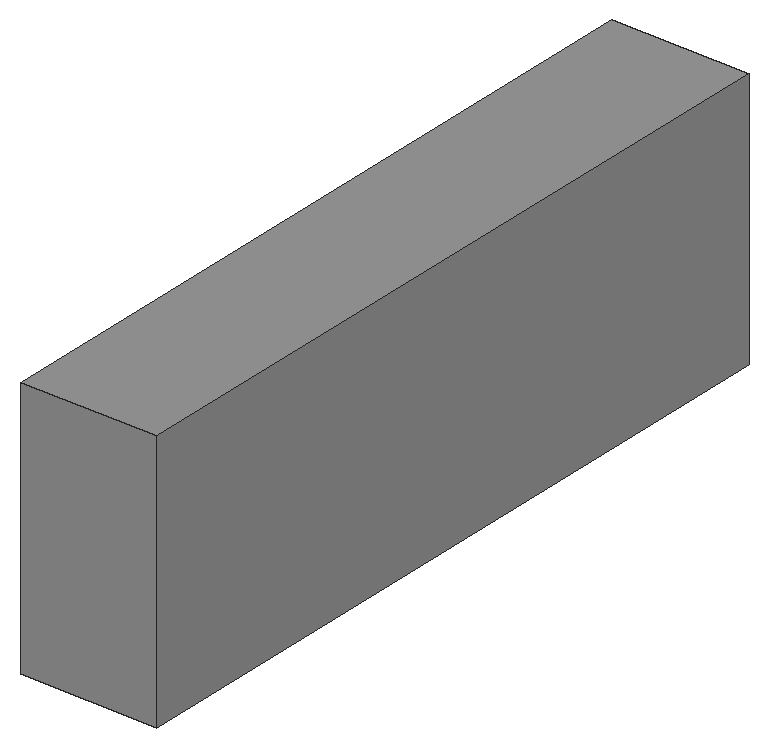
Revit family "PRE050008-FR", category Accessoire de canalisation, Revit 2017
Family settings
  Cote de connecteur circulaire = Utiliser le diamètre
  Type d'élément = Normal
  Basée sur le plan de construction = Non
  Toujours verticalement = Oui
  Couper avec des vides une fois chargée = Non
  Partagée = Non
Parameters (values of type "63910 PRESTO ROBINET TEMPORISE MURAL PRESTO 704 A MANETTE G1/2"")
  Variantes = "63910"
  Garantie = "10"
  URL Fabricant = "http://www.prestodatashare.com/centretelechargement/index.php?lang=FR&refs=63910"
  URL = "http://www.prestodatashare.com/centretelechargement/index.php?lang=FR&refs=63910"
  Lien notice d'utilisation = "http://www.prestodatashare.com/centretelechargement/support.php?lang=FR&ref=63910"
  Lien fiche produit = "http://www.prestodatashare.com/espacedoc/Fiches_Techniques/FR/63910.pdf"
  Reference = "63910"
  Pression = "1 à 5 bars"
  Polantis code = "PRE050008-FR"
  Perte de charge = 0.0 Pa
  Profondeur = 190 mm
  Modèle = "63910 PRESTO ROBINET TEMPORISE MURAL PRESTO 704 A MANETTE G1/2\""
  Matériau = Laiton poli chromé
  Lien CCTP = "http://www.prestodatashare.com/centretelechargement/index.php?lang=FR&refs=63910"
  Largeur = 35 mm
  HC = 17.5 mm
  Hauteur = 67 mm
  Fonction = "Pression d'utilisation recommandée :\r\n- 1 à 5 bars\r\n\r\nDébit :\r\n- 3 l/mn à 3 bars - Réglage 4 positions\r\n- Dispositif anti-coup de bélier\r\n\r\nDurée d'écoulement :\r\n- 15 secondes ± 5 secondes\r\n\r\nFonctionnement :\r\n- Par simple action sur la manette omnidirectionnelle (déclenchement\r\n  souple)\r\n\r\nAlimentation hydraulique :\r\n- Mâle G 1/2\" (15x21) en eau froide, chaude ou pré-mitigée\r\n\r\nRésistance thermique :\r\n- Ce robinet résiste à une température de 75°C durant 30 minutes dans\r\n  le cadre de chocs thermiques\r\n\r\nSécurité :\r\n- Repère par point de couleur inusable et indémontable (bleu ou rouge)\r\n\r\nLivré avec :\r\n- 2 pions, bleu et rouge\r\n\r\nNormes / Agréments :\r\n- Classe acoustique II\r\n- Corps en laiton conforme aux normes NF EN1982 / NF EN12164 / NF\r\n  EN12165\r\n- Traitement de surface Nickel-Chrome selon NF EN12540\r\n- Résistance au brouillard salin neutre (NSS) : 200 h selon NF ISO 9227"
  Flux = 0.05 L/s
  Finition = "Corps en laiton avec finition chromée"
  Fabricant = "LES ROBINETS PRESTO S.A."
  Diamètre Nominal = 15 mm
  Description = "Robinet simple temporisé mural (NF), à manette omnidirectionnelle, alimentation en eau froide ou mitigée. De type Presto 704 réf. 63910 ou techniquement équivalent. Avec mécanisme à rubis auto nettoyé par fil frein, débit préréglé à 3 l/mn. Réglage de débit interne."
  Debit = "3 l/min à 3 bars, réglage 4 positions\r\r\nDispositif anti-coup de bélier"
  Raccordement = "Mâle G 1/2\" (15x21) en eau froide, chaude ou pré-mitigée"
  Adresse = "7, RUE RACINE - 92542 MONTROUGE CEDEX FRANCE"
Reference planes
  plane 1 "Centre (avant/arrière)": y = 0
  plane 2: z = 0
  plane 3 "Centre (gauche/droite)": x = 0
  plane 4: y = -190
  plane 5: x = 35
  plane 6: z = 67
  plane 7: x = 17.5
  plane 8: z = 49.5
  plane 9: y = -25.5
  plane 10: z = 1
  plane 11: y = -1
Forms (mm)
  Extrusion 1, solid, material "Laiton poli chromé" <- "Matériau", detail levels fine
    sketch origin (0, 0, 0) x (1, 0, 0) y (0, 1, 0)
      loop
        line (0, 0) -> (0, -190) -> (35, -190) -> (35, 0) -> (0, 0)
    from 0 to 67
  Extrusion 2, solid, material "Laiton poli chromé" <- "Matériau", detail levels fine
    sketch origin (0, 0, 0) x (1, 0, 0) y (0, 0, 1)
      loop
        circle (17.5, 49.5) r 14
    from 0 to 1
Cuts and joins
  joined: Extrusion 1, Extrusion 2
Dimensions and locks
  "Profondeur": plane 1 "Centre (avant/arrière)" to plane 4
  "Largeur": plane 3 "Centre (gauche/droite)" to plane 5
  "Hauteur": plane 6 to level
  equal spacing: plane 3 "Centre (gauche/droite)", plane 7, plane 5
  "HC": plane 6 to plane 8
  plane 1 "Centre (avant/arrière)" to plane 9 = 25.5 mm
  locked: plane 10 to plane 2 at 1
  locked: plane 1 "Centre (avant/arrière)" to plane 11 at 1
  diameter of Extrusion 2 sketch curve = 28 mm
  aligned and locked: level to plane 2
  aligned and locked: plane 1 "Centre (avant/arrière)" to Extrusion 1 sketch curve
  aligned and locked: plane 3 "Centre (gauche/droite)" to Extrusion 1 sketch curve
  aligned and locked: plane 4 to Extrusion 1 sketch curve
  aligned and locked: plane 5 to Extrusion 1 sketch curve
  aligned and locked: plane 6 to Extrusion 1
  aligned and locked: Extrusion 2 to plane 11
  aligned and locked: Extrusion 2 to plane 1 "Centre (avant/arrière)"
  aligned and locked: plane 7 to nested 1
  aligned and locked: plane 1 "Centre (avant/arrière)" to nested 1
  aligned and locked: plane 8 to nested 1
  aligned and locked: nested 2 to plane 3 "Centre (gauche/droite)"
  aligned and locked: nested 2 to plane 4
Automatic sketch dimensions
  plane 7 to Extrusion 2 sketch curve = 0 mm
  Extrusion 2 sketch curve to plane 8 = 0 mm
Nested families
  nested 1: "Symbolique" at (0, -95, 16) x (0, 1, 0) z (0, 0, 1), type "Symbolique", detail levels coarse+medium
  nested 2: "S2D" at (35, -95, 0) x (0, 1, 0) z (0, 0, 1), type "S2D", detail levels coarse+medium
Connectors
  piping at (17.5, 0, 49.5), diameter 15, driven by "Flux", driven by "Perte de charge", driven by "Diamètre Nominal"
    settings: on Extrusion 2, index 2, connector inside diameter 609.6 mm, connector length 0 mm, flow factor 0, pipe flow 0.05 L/s, pressure drop 0.0 Pa, fitting loss kfactor 0, connector angle 0.00°, fixture units 0, engagement length 0 mm, angle of deflection 0.00°, flow configuration 0, flow direction 1, fitting loss method 4, system type 22, joint type 0, gender type 0, connector reference index -1, connector utility 0, adjustable connector no, is connector primary yes, connector description ""
Definition of nested family "Symbolique"
  Parameters (values of type "Symbolique")
    V = yes
    P = 1000 mm
    L = 1000 mm
    H = 1000 mm
  Reference planes
    plane 1 "Centre (avant/arrière)": y = 0
    plane 2: z = 0
    plane 3 "Centre (gauche/droite)": x = 0
    plane 4: y = -1000
    plane 5: x = -500
    plane 6: x = 500
    plane 7: z = 1000
    plane 8: z = 500
    plane 9: y = -500
  Lines and regions (mm)
    model lines, visible <- "V"
      curve 1: line (-500, -1000, 500) -> (-500, 0, 500)
      curve 2: line (500, -1000, 500) -> (500, 0, 500)
      curve 3: line (500, 0, 500) -> (-500, -1000, 500)
      curve 4: line (-500, 0, 500) -> (500, -1000, 500)
  Dimensions and locks
    "H": plane 7 to plane 2
    equal spacing: plane 5, plane 3 "Centre (gauche/droite)", plane 6
    "L": plane 5 to plane 6
    equal spacing: plane 7, plane 8, level
    equal spacing: plane 4, plane 9, plane 1 "Centre (avant/arrière)"
    "P": plane 1 "Centre (avant/arrière)" to plane 4
    aligned and locked: level to plane 2
  Automatic sketch dimensions
    plane 1 "Centre (avant/arrière)" to curve 3 = 0 mm
    curve 3 to plane 6 = 0 mm
    curve 3 to plane 4 = 0 mm
    curve 3 to plane 5 = 0 mm
    plane 1 "Centre (avant/arrière)" to curve 1 = 0 mm
    curve 2 to plane 4 = 0 mm
Definition of nested family "S2D"
  Parameters (values of type "S2D")
    P = 788.322 mm
    L = 1600 mm
    H = 1250.021 mm
  Reference planes
    plane 1 "Centre (avant/arrière)": y = 0
    plane 2: z = 0
    plane 3 "Centre (gauche/droite)": x = 0
    plane 4: y = 788.322
    plane 5: x = -800
    plane 6: x = 800
    plane 7: y = 394.161
    plane 8: z = 1250.021
    plane 9: z = 625.01
  Lines and regions (mm)
    symbolic lines
      curve 1: line (-800, 788.322, 0) -> (800, 0, 0)
      curve 2: line (800, 0, 0) -> (800, 788.322, 0)
      curve 3: line (800, 788.322, 0) -> (-800, 0, 0)
      curve 4: line (-800, 0, 0) -> (-800, 788.322, 0)
      curve 5: line (-800, 0, 0) -> (-800, 0, 1250.021)
      curve 6: line (-800, 0, 1250.021) -> (800, 0, 0)
      curve 7: line (800, 0, 0) -> (800, 0, 1250.021)
      curve 8: line (800, 0, 1250.021) -> (-800, 0, 0)
      curve 9: line (0, 0, 1250.021) -> (0, 0, 0)
      curve 10: line (0, 0, 0) -> (0, 788.322, 1250.021)
      curve 11: line (0, 788.322, 1250.021) -> (0, 788.322, 0)
      curve 12: line (0, 788.322, 0) -> (0, 0, 1250.021)
  Dimensions and locks
    equal spacing: plane 5, plane 3 "Centre (gauche/droite)", plane 6
    equal spacing: plane 1 "Centre (avant/arrière)", plane 7, plane 4
    "P": plane 1 "Centre (avant/arrière)" to plane 4
    "L": plane 5 to plane 6
    equal spacing: plane 8, plane 9, level
    "H": plane 8 to plane 2
    aligned and locked: level to plane 2
  Automatic sketch dimensions
    plane 1 "Centre (avant/arrière)" to curve 3 = 0 mm
    curve 1 to plane 4 = 0 mm
    curve 3 to plane 4 = 0 mm
    plane 1 "Centre (avant/arrière)" to curve 2 = 0 mm
    curve 3 to plane 6 = 0 mm
    curve 4 to plane 5 = 0 mm
    plane 5 to curve 5 = 0 mm
    curve 8 to level = 0 mm
    plane 6 to curve 8 = 0 mm
    curve 7 to level = 0 mm
    curve 8 to plane 8 = 0 mm
    curve 5 to plane 8 = 0 mm
    curve 11 to level = 0 mm
    curve 11 to plane 8 = 0 mm
    curve 9 to plane 8 = 0 mm
    curve 9 to plane 1 "Centre (avant/arrière)" = 0 mm
    curve 9 to level = 0 mm
    curve 11 to plane 4 = 0 mm
